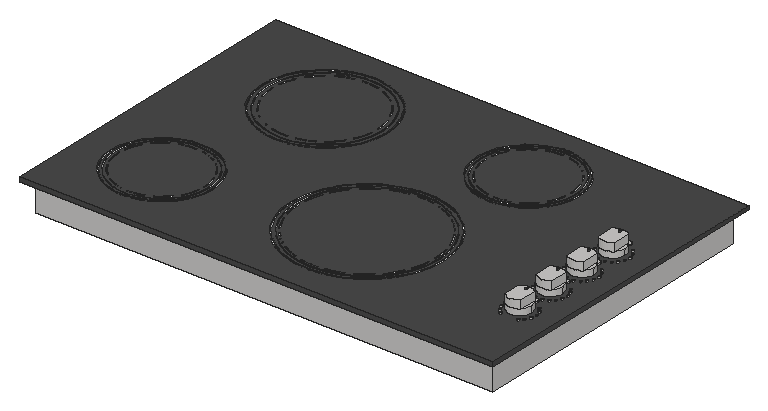
Revit family "QF_Summit_CR4B30MB_Electric Cooktop", category Specialty Equipment, Revit 2020
Family settings
  Round Connector Dimension = Use Diameter
  Part Type = Normal
  Work Plane-Based = No
  Always vertical = Yes
  Cut with Voids When Loaded = No
  Shared = No
  Room Calculation Point = No
Parameters
  Weight in Pounds = 28
  Watts = Volts * FL Amps  # 6000 W
  Volts = 240 V
  URL Cutsheet = ""
  Specification by User = ""
  Specification by Manufacturer = ""
  Serial Number = ""
  Seismic Rating = ""
  SMACNA No = ""
  Revision Code = ""
  Phase = 1
  Number of Poles = 1
  NAFEM Spec ID Number = ""
  Model = "CR4B30MB"
  Min Ckt Ampacity = 0 A
  Max Overcurrent Protection = 0 A
  Masterspec = ""
  Manufacturer = "Summit"
  Length = 30 1/4"
  Item Number = ""
  Installed By = ""
  Identify Quantity as Lot = yes
  Height = 2.13"
  HP = ""
  Furnished By = ""
  Foodservice Equipment Identifier = yes
  FL Amps = 25 A
  Electrical Remarks = ""
  Electric Connection Type = ""
  Elec Conn RI Height = 0"
  Elec Conn Connection Height = 0"
  Description = "Electric Cooktop"
  Depth = 20 1/2"
  Default Elevation = 0"
  Cycle = 60 Hz
  Conn Plug = ""
  Conn Conduit = yes
  CSI MasterFormat = ""
  Apparent Power = if(Phase = 3, Volts * FL Amps * 1.73, Volts * FL Amps)  # 6000 VA
Reference planes (in)
  plane 1 "BACK": y = 0
  plane 2: z = 0
  plane 3 "LEFT": x = 0
  plane 4 "RIGHT": x = 30.25
  plane 5 "FRONT": y = -20.5
  plane 6 "TOP": z = 2.13
  plane 7 "Center Y": x = 15.125
  plane 8 "Center X": y = -10.25
  plane 9: z = 3.13
  plane 10: y = -19.875
  plane 11: y = -0.625
  plane 12: x = 0.5
  plane 13: x = 29.75
  plane 14: z = 1.88
  plane 15: z = 2.255
  plane 16: z = 2.63
  plane 17: z = -1
Forms (in)
  Extrusion 1, solid, material "QF_Plastic_Black_Smooth"
    sketch origin (-1.19104, -180, 1.88) x (-1, 0, 0) y (0, -1, 0)
      loop
        line (-1.19104, -180) -> (-1.19104, -159.5) -> (-31.44104, -159.5) -> (-31.44104, -180) -> (-1.19104, -180)
      loop
        circle (-8.72408, -174.48136) r 4
      loop
        circle (-8.72408, -174.48136) r 3.9375
      loop
        arc (-6.61566, -177.13723) -> (-6.23758, -176.78708) -> (-5.91691, -176.3837) r 3.39103
        line (-5.91691, -176.3837) -> (-5.94278, -176.36617)
        arc (-5.94278, -176.36617) -> (-6.26171, -176.76715) -> (-6.6379, -177.11498) r 3.35978
        line (-6.6379, -177.11498) -> (-6.61566, -177.13723)
      loop
        circle (-8.72408, -174.48136) r 3.6878
      loop
        circle (-8.72408, -174.48136) r 3.65655
      loop
        line (-7.02991, -177.41885) -> (-7.04552, -177.39178)
        arc (-7.04552, -177.39178) -> (-7.50193, -177.61097) -> (-7.9861, -177.75908) r 3.35978
        line (-7.9861, -177.75908) -> (-7.97924, -177.78957)
        arc (-7.97924, -177.78957) -> (-7.49057, -177.64008) -> (-7.02991, -177.41885) r 3.39103
      loop
        line (-8.46118, -177.86218) -> (-8.46361, -177.83102)
        arc (-8.46361, -177.83102) -> (-8.9861, -177.8309) -> (-9.50226, -177.74977) r 3.35978
        line (-9.50226, -177.74977) -> (-9.5095, -177.78017)
        arc (-9.5095, -177.78017) -> (-8.98854, -177.86206) -> (-8.46118, -177.86218) r 3.39103
      loop
        line (-9.97115, -177.63475) -> (-9.95966, -177.60569)
        arc (-9.95966, -177.60569) -> (-10.40776, -177.38882) -> (-10.8189, -177.10811) r 3.35978
        line (-10.8189, -177.10811) -> (-10.84114, -177.13035)
        arc (-10.84114, -177.13035) -> (-10.42495, -177.41498) -> (-9.97115, -177.63475) r 3.39103
      loop
        line (-11.20385, -176.79433) -> (-11.18173, -176.77222)
        arc (-11.18173, -176.77222) -> (-11.50442, -176.36758) -> (-11.76112, -175.91819) r 3.35978
        line (-11.76112, -175.91819) -> (-11.78937, -175.93155)
        arc (-11.78937, -175.93155) -> (-11.52997, -176.38558) -> (-11.20385, -176.79433) r 3.39103
      loop
        line (-11.95693, -175.50496) -> (-11.92714, -175.49553)
        arc (-11.92714, -175.49553) -> (-12.04445, -174.99446) -> (-12.08386, -174.48136) r 3.35978
        line (-12.08386, -174.48136) -> (-12.11511, -174.48136)
        arc (-12.11511, -174.48136) -> (-12.07533, -174.99923) -> (-11.95693, -175.50496) r 3.39103
      loop
        line (-12.08287, -174.01488) -> (-12.05192, -174.01917)
        arc (-12.05192, -174.01917) -> (-11.93927, -173.50635) -> (-11.74811, -173.01734) r 3.35978
        line (-11.74811, -173.01734) -> (-11.77624, -173.00372)
        arc (-11.77624, -173.00372) -> (-11.96918, -173.49728) -> (-12.08287, -174.01488) r 3.39103
      loop
        line (-11.54233, -172.59547) -> (-11.51636, -172.61285)
        arc (-11.51636, -172.61285) -> (-11.20163, -172.21203) -> (-10.82991, -171.86342) r 3.35978
        line (-10.82991, -171.86342) -> (-10.8495, -171.83907)
        arc (-10.8495, -171.83907) -> (-11.22468, -172.19092) -> (-11.54233, -172.59547) r 3.39103
      loop
        line (-10.46238, -171.56976) -> (-10.44636, -171.59659)
        arc (-10.44636, -171.59659) -> (-9.97824, -171.36443) -> (-9.47978, -171.20767) r 3.35978
        line (-9.47978, -171.20767) -> (-9.48681, -171.17722)
        arc (-9.48681, -171.17722) -> (-9.9899, -171.33544) -> (-10.46238, -171.56976) r 3.39103
      loop
        line (-9.02136, -171.10338) -> (-9.01862, -171.13451)
        arc (-9.01862, -171.13451) -> (-8.49549, -171.12936) -> (-7.97791, -171.20548) r 3.35978
        line (-7.97791, -171.20548) -> (-7.97097, -171.17501)
        arc (-7.97097, -171.17501) -> (-8.49337, -171.09818) -> (-9.02136, -171.10338) r 3.39103
      loop
        line (-7.4884, -171.32348) -> (-7.49979, -171.35258)
        arc (-7.49979, -171.35258) -> (-7.03485, -171.57712) -> (-6.6098, -171.87024) r 3.35978
        line (-6.6098, -171.87024) -> (-6.58758, -171.84802)
        arc (-6.58758, -171.84802) -> (-7.01771, -171.55093) -> (-7.4884, -171.32348) r 3.39103
      loop
        line (-6.22346, -172.19094) -> (-6.24558, -172.21306)
        arc (-6.24558, -172.21306) -> (-5.93741, -172.60449) -> (-5.69052, -173.03719) r 3.35978
        line (-5.69052, -173.03719) -> (-5.6623, -173.02376)
        arc (-5.6623, -173.02376) -> (-5.91188, -172.58646) -> (-6.22346, -172.19094) r 3.39103
      loop
        line (-5.47708, -173.50356) -> (-5.507, -173.51257)
        arc (-5.507, -173.51257) -> (-5.40017, -173.99174) -> (-5.3643, -174.48136) r 3.35978
        line (-5.3643, -174.48136) -> (-5.33305, -174.48136)
        arc (-5.33305, -174.48136) -> (-5.36925, -173.98718) -> (-5.47708, -173.50356) r 3.39103
      loop
        line (-5.37516, -175.01409) -> (-5.40602, -175.00918)
        arc (-5.40602, -175.00918) -> (-5.51874, -175.4883) -> (-5.70026, -175.94581) r 3.35978
        line (-5.70026, -175.94581) -> (-5.67213, -175.95943)
        arc (-5.67213, -175.95943) -> (-5.48893, -175.49767) -> (-5.37516, -175.01409) r 3.39103
      loop
        circle (-6.23407, -164.51714) r 3.25
      loop
        circle (-6.23407, -164.51714) r 3.1875
      loop
        circle (-6.23407, -164.51714) r 3.01918
      loop
        circle (-6.23407, -164.51714) r 2.98793
      loop
        arc (-3.84186, -165.92561) -> (-3.62719, -165.47142) -> (-3.49789, -164.98597) r 2.77605
        line (-3.49789, -164.98597) -> (-3.52869, -164.98069)
        arc (-3.52869, -164.98069) -> (-3.65653, -165.46067) -> (-3.86878, -165.90976) r 2.7448
        line (-3.86878, -165.90976) -> (-3.84186, -165.92561)
      loop
        line (-4.0982, -166.29042) -> (-4.12224, -166.27046)
        arc (-4.12224, -166.27046) -> (-4.45843, -166.61024) -> (-4.84846, -166.88654) r 2.7448
        line (-4.84846, -166.88654) -> (-4.83269, -166.91351)
        arc (-4.83269, -166.91351) -> (-4.43821, -166.63407) -> (-4.0982, -166.29042) r 2.77605
      loop
        line (-5.27513, -167.12231) -> (-5.28592, -167.09298)
        arc (-5.28592, -167.09298) -> (-5.76727, -167.22196) -> (-6.26401, -167.26178) r 2.7448
        line (-6.26401, -167.26178) -> (-6.26401, -167.29303)
        arc (-6.26401, -167.29303) -> (-5.76179, -167.25272) -> (-5.27513, -167.12231) r 2.77605
      loop
        line (-6.73487, -167.24765) -> (-6.72923, -167.21691)
        arc (-6.72923, -167.21691) -> (-7.19178, -167.08944) -> (-7.62507, -166.88337) r 2.7448
        line (-7.62507, -166.88337) -> (-7.64091, -166.91031)
        arc (-7.64091, -166.91031) -> (-7.20269, -167.11872) -> (-6.73487, -167.24765) r 2.77605
      loop
        arc (-7.98279, -166.63277) -> (-8.3408, -166.27658) -> (-8.62748, -165.86082) r 2.7448
        line (-8.62748, -165.86082) -> (-8.65473, -165.87612)
        arc (-8.65473, -165.87612) -> (-8.36573, -166.29547) -> (-8.00499, -166.65497) r 2.77605
        line (-8.00499, -166.65497) -> (-7.98279, -166.63277)
      loop
        arc (-8.82015, -165.43698) -> (-8.9406, -164.97389) -> (-8.97879, -164.49693) r 2.7448
        line (-8.97879, -164.49693) -> (-9.01004, -164.49693)
        arc (-9.01004, -164.49693) -> (-8.97139, -164.9792) -> (-8.84959, -165.44745) r 2.77605
        line (-8.84959, -165.44745) -> (-8.82015, -165.43698)
      loop
        arc (-8.9391, -164.05157) -> (-8.81254, -163.57616) -> (-8.60314, -163.13099) r 2.7448
        line (-8.60314, -163.13099) -> (-8.63012, -163.11521)
        arc (-8.63012, -163.11521) -> (-8.84189, -163.56545) -> (-8.96989, -164.04627) r 2.77605
        line (-8.96989, -164.04627) -> (-8.9391, -164.05157)
      loop
        arc (-8.33993, -162.75666) -> (-8.00222, -162.41772) -> (-7.61079, -162.14257) r 2.7448
        line (-7.61079, -162.14257) -> (-7.62646, -162.11554)
        arc (-7.62646, -162.11554) -> (-8.02128, -162.39292) -> (-8.36211, -162.73448) r 2.77605
        line (-8.36211, -162.73448) -> (-8.33993, -162.75666)
      loop
        arc (-7.18859, -161.94365) -> (-6.72422, -161.81646) -> (-6.24478, -161.77236) r 2.7448
        line (-6.24478, -161.77236) -> (-6.24478, -161.74111)
        arc (-6.24478, -161.74111) -> (-6.72975, -161.7857) -> (-7.19946, -161.91435) r 2.77605
        line (-7.19946, -161.91435) -> (-7.18859, -161.94365)
      loop
        arc (-5.81527, -161.80447) -> (-5.30447, -161.93454) -> (-4.82795, -162.15985) r 2.7448
        line (-4.82795, -162.15985) -> (-4.81194, -162.13302)
        arc (-4.81194, -162.13302) -> (-5.29389, -161.90514) -> (-5.8105, -161.77359) r 2.77605
        line (-5.8105, -161.77359) -> (-5.81527, -161.80447)
      loop
        arc (-4.491, -162.39684) -> (-4.12879, -162.75595) -> (-3.83929, -163.17588) r 2.7448
        line (-3.83929, -163.17588) -> (-3.81202, -163.16061)
        arc (-3.81202, -163.16061) -> (-4.10385, -162.73707) -> (-4.4688, -162.37464) r 2.77605
        line (-4.4688, -162.37464) -> (-4.491, -162.39684)
      loop
        arc (-3.65648, -163.57376) -> (-3.52834, -164.05565) -> (-3.48949, -164.55278) r 2.7448
        line (-3.48949, -164.55278) -> (-3.45824, -164.55278)
        arc (-3.45824, -164.55278) -> (-3.49757, -164.0502) -> (-3.62713, -163.56302) r 2.77605
        line (-3.62713, -163.56302) -> (-3.65648, -163.57376)
      loop
        circle (-20.9804, -175.4572) r 3.25
      loop
        circle (-20.9804, -175.4572) r 3.1875
      loop
        circle (-20.9804, -175.4572) r 3.01918
      loop
        circle (-20.9804, -175.4572) r 2.98793
      loop
        arc (-18.58819, -176.86568) -> (-18.37352, -176.41148) -> (-18.24422, -175.92603) r 2.77605
        line (-18.24422, -175.92603) -> (-18.27502, -175.92075)
        arc (-18.27502, -175.92075) -> (-18.40287, -176.40074) -> (-18.61512, -176.84982) r 2.7448
        line (-18.61512, -176.84982) -> (-18.58819, -176.86568)
      loop
        line (-18.84453, -177.23049) -> (-18.86858, -177.21053)
        arc (-18.86858, -177.21053) -> (-19.20476, -177.5503) -> (-19.5948, -177.8266) r 2.7448
        line (-19.5948, -177.8266) -> (-19.57902, -177.85358)
        arc (-19.57902, -177.85358) -> (-19.18455, -177.57413) -> (-18.84453, -177.23049) r 2.77605
      loop
        line (-20.02146, -178.06237) -> (-20.03226, -178.03304)
        arc (-20.03226, -178.03304) -> (-20.51361, -178.16202) -> (-21.01034, -178.20184) r 2.7448
        line (-21.01034, -178.20184) -> (-21.01034, -178.23309)
        arc (-21.01034, -178.23309) -> (-20.50812, -178.19279) -> (-20.02146, -178.06237) r 2.77605
      loop
        line (-21.4812, -178.18771) -> (-21.47556, -178.15697)
        arc (-21.47556, -178.15697) -> (-21.93812, -178.0295) -> (-22.37141, -177.82343) r 2.7448
        line (-22.37141, -177.82343) -> (-22.38724, -177.85037)
        arc (-22.38724, -177.85037) -> (-21.94902, -178.05879) -> (-21.4812, -178.18771) r 2.77605
      loop
        arc (-22.72912, -177.57283) -> (-23.08713, -177.21664) -> (-23.37382, -176.80089) r 2.7448
        line (-23.37382, -176.80089) -> (-23.40107, -176.81619)
        arc (-23.40107, -176.81619) -> (-23.11207, -177.23553) -> (-22.75132, -177.59503) r 2.77605
        line (-22.75132, -177.59503) -> (-22.72912, -177.57283)
      loop
        arc (-23.56649, -176.37704) -> (-23.68693, -175.91395) -> (-23.72513, -175.43699) r 2.7448
        line (-23.72513, -175.43699) -> (-23.75638, -175.43699)
        arc (-23.75638, -175.43699) -> (-23.71773, -175.91927) -> (-23.59593, -176.38751) r 2.77605
        line (-23.59593, -176.38751) -> (-23.56649, -176.37704)
      loop
        arc (-23.68543, -174.99163) -> (-23.55887, -174.51623) -> (-23.34948, -174.07105) r 2.7448
        line (-23.34948, -174.07105) -> (-23.37645, -174.05527)
        arc (-23.37645, -174.05527) -> (-23.58823, -174.50551) -> (-23.71623, -174.98633) r 2.77605
        line (-23.71623, -174.98633) -> (-23.68543, -174.99163)
      loop
        arc (-23.08626, -173.69672) -> (-22.74856, -173.35778) -> (-22.35712, -173.08263) r 2.7448
        line (-22.35712, -173.08263) -> (-22.3728, -173.0556)
        arc (-22.3728, -173.0556) -> (-22.76762, -173.33298) -> (-23.10845, -173.67454) r 2.77605
        line (-23.10845, -173.67454) -> (-23.08626, -173.69672)
      loop
        arc (-21.93492, -172.88372) -> (-21.47056, -172.75652) -> (-20.99111, -172.71242) r 2.7448
        line (-20.99111, -172.71242) -> (-20.99111, -172.68117)
        arc (-20.99111, -172.68117) -> (-21.47608, -172.72576) -> (-21.94579, -172.85442) r 2.77605
        line (-21.94579, -172.85442) -> (-21.93492, -172.88372)
      loop
        arc (-20.56161, -172.74454) -> (-20.05081, -172.87461) -> (-19.57429, -173.09992) r 2.7448
        line (-19.57429, -173.09992) -> (-19.55828, -173.07308)
        arc (-19.55828, -173.07308) -> (-20.04022, -172.8452) -> (-20.55684, -172.71365) r 2.77605
        line (-20.55684, -172.71365) -> (-20.56161, -172.74454)
      loop
        arc (-19.23733, -173.3369) -> (-18.87513, -173.69602) -> (-18.58562, -174.11594) r 2.7448
        line (-18.58562, -174.11594) -> (-18.55836, -174.10067)
        arc (-18.55836, -174.10067) -> (-18.85018, -173.67714) -> (-19.21513, -173.3147) r 2.77605
        line (-19.21513, -173.3147) -> (-19.23733, -173.3369)
      loop
        arc (-18.40281, -174.51382) -> (-18.27467, -174.99572) -> (-18.23583, -175.49284) r 2.7448
        line (-18.23583, -175.49284) -> (-18.20458, -175.49284)
        arc (-18.20458, -175.49284) -> (-18.2439, -174.99026) -> (-18.37346, -174.50308) r 2.77605
        line (-18.37346, -174.50308) -> (-18.40281, -174.51382)
      loop
        circle (-18.19961, -166.01665) r 4.875
      loop
        circle (-18.19961, -166.01665) r 4.8125
      loop
        circle (-18.19961, -166.01665) r 4.60317
      loop
        circle (-18.19961, -166.01665) r 4.57192
      loop
        arc (-21.55903, -163.16267) -> (-21.88385, -163.59648) -> (-22.15299, -164.06686) r 4.40804
        line (-22.15299, -164.06686) -> (-22.12496, -164.08069)
        arc (-22.12496, -164.08069) -> (-21.85843, -163.6147) -> (-21.53686, -163.18484) r 4.37679
        line (-21.53686, -163.18484) -> (-21.55903, -163.16267)
      loop
        arc (-20.39444, -162.19388) -> (-20.83409, -162.48247) -> (-21.23623, -162.82137) r 4.40804
        line (-21.23623, -162.82137) -> (-21.21413, -162.84348)
        arc (-21.21413, -162.84348) -> (-20.81509, -162.50729) -> (-20.37888, -162.22098) r 4.37679
        line (-20.37888, -162.22098) -> (-20.39444, -162.19388)
      loop
        line (-22.30678, -164.50421) -> (-22.33611, -164.49341)
        arc (-22.33611, -164.49341) -> (-22.48696, -164.9922) -> (-22.5779, -165.50531) r 4.40804
        line (-22.5779, -165.50531) -> (-22.54686, -165.50894)
        arc (-22.54686, -165.50894) -> (-22.45657, -164.99946) -> (-22.30678, -164.50421) r 4.37679
      loop
        line (-22.57638, -166.00127) -> (-22.60763, -166.00127)
        arc (-22.60763, -166.00127) -> (-22.57905, -166.51801) -> (-22.49011, -167.02784) r 4.40804
        line (-22.49011, -167.02784) -> (-22.45969, -167.02067)
        arc (-22.45969, -167.02067) -> (-22.54801, -166.5144) -> (-22.57638, -166.00127) r 4.37679
      loop
        line (-22.32077, -167.49054) -> (-22.3502, -167.50106)
        arc (-22.3502, -167.50106) -> (-22.13797, -167.9966) -> (-21.86683, -168.46253) r 4.40804
        line (-21.86683, -168.46253) -> (-21.84084, -168.44519)
        arc (-21.84084, -168.44519) -> (-22.11005, -167.98256) -> (-22.32077, -167.49054) r 4.37679
      loop
        line (-21.5692, -168.80988) -> (-21.59326, -168.82983)
        arc (-21.59326, -168.82983) -> (-21.21276, -169.23407) -> (-20.78447, -169.58727) r 4.40804
        line (-20.78447, -169.58727) -> (-20.76209, -169.56489)
        arc (-20.76209, -169.56489) -> (-21.18957, -169.21297) -> (-21.5692, -168.80988) r 4.37679
      loop
        line (-20.42632, -169.78468) -> (-20.44222, -169.81159)
        arc (-20.44222, -169.81159) -> (-19.95568, -170.0598) -> (-19.44218, -170.24593) r 4.40804
        line (-19.44218, -170.24593) -> (-19.43337, -170.21595)
        arc (-19.43337, -170.21595) -> (-19.94323, -170.03113) -> (-20.42632, -169.78468) r 4.37679
      loop
        line (-18.98147, -170.32304) -> (-18.98705, -170.35379)
        arc (-18.98705, -170.35379) -> (-18.45877, -170.41706) -> (-17.92672, -170.41623) r 4.40804
        line (-17.92672, -170.41623) -> (-17.92865, -170.38504)
        arc (-17.92865, -170.38504) -> (-18.45694, -170.38587) -> (-18.98147, -170.32304) r 4.37679
      loop
        line (-17.46485, -170.33132) -> (-17.45961, -170.36213)
        arc (-17.45961, -170.36213) -> (-16.93855, -170.24045) -> (-16.43608, -170.05654) r 4.40804
        line (-16.43608, -170.05654) -> (-16.44858, -170.0279)
        arc (-16.44858, -170.0279) -> (-16.94749, -170.21051) -> (-17.46485, -170.33132) r 4.37679
      loop
        line (-16.01395, -169.80864) -> (-15.99835, -169.83571)
        arc (-15.99835, -169.83571) -> (-15.56252, -169.54887) -> (-15.16364, -169.21253) r 4.40804
        line (-15.16364, -169.21253) -> (-15.18575, -169.19043)
        arc (-15.18575, -169.19043) -> (-15.58154, -169.52406) -> (-16.01395, -169.80864) r 4.37679
      loop
        line (-14.85725, -168.8424) -> (-14.83338, -168.86258)
        arc (-14.83338, -168.86258) -> (-14.51433, -168.43523) -> (-14.24923, -167.97247) r 4.40804
        line (-14.24923, -167.97247) -> (-14.27723, -167.95861)
        arc (-14.27723, -167.95861) -> (-14.54046, -168.41808) -> (-14.85725, -168.8424) r 4.37679
      loop
        line (-14.10163, -167.55378) -> (-14.07237, -167.56476)
        arc (-14.07237, -167.56476) -> (-13.91347, -167.0461) -> (-13.81948, -166.51185) r 4.40804
        line (-13.81948, -166.51185) -> (-13.85053, -166.50834)
        arc (-13.85053, -166.50834) -> (-13.94385, -167.0388) -> (-14.10163, -167.55378) r 4.37679
      loop
        line (-13.82292, -166.04529) -> (-13.79167, -166.04529)
        arc (-13.79167, -166.04529) -> (-13.82232, -165.49693) -> (-13.92092, -164.95663) r 4.40804
        line (-13.92092, -164.95663) -> (-13.95126, -164.96415)
        arc (-13.95126, -164.96415) -> (-13.85334, -165.50071) -> (-13.82292, -166.04529) r 4.37679
      loop
        line (-14.08223, -164.53225) -> (-14.05283, -164.52165)
        arc (-14.05283, -164.52165) -> (-14.26844, -164.02248) -> (-14.54388, -163.55364) r 4.40804
        line (-14.54388, -163.55364) -> (-14.56979, -163.5711)
        arc (-14.56979, -163.5711) -> (-14.29631, -164.03661) -> (-14.08223, -164.53225) r 4.37679
      loop
        line (-14.85238, -163.19666) -> (-14.8302, -163.17449)
        arc (-14.8302, -163.17449) -> (-15.20489, -162.78208) -> (-15.62495, -162.43867) r 4.40804
        line (-15.62495, -162.43867) -> (-15.6432, -162.46403)
        arc (-15.6432, -162.46403) -> (-15.22515, -162.80591) -> (-14.85238, -163.19666) r 4.37679
      loop
        arc (-16.01609, -162.18741) -> (-16.49122, -161.95313) -> (-16.99102, -161.77753) r 4.40804
        line (-16.99102, -161.77753) -> (-16.99959, -161.80758)
        arc (-16.99959, -161.80758) -> (-16.50333, -161.98193) -> (-16.03157, -162.21456) r 4.37679
        line (-16.03157, -162.21456) -> (-16.01609, -162.18741)
      loop
        arc (-17.43348, -161.6757) -> (-17.97429, -161.61437) -> (-18.51853, -161.62016) r 4.40804
        line (-18.51853, -161.62016) -> (-18.51853, -161.65149)
        arc (-18.51853, -161.65149) -> (-17.97702, -161.64552) -> (-17.43892, -161.70647) r 4.37679
        line (-17.43892, -161.70647) -> (-17.43348, -161.6757)
      loop
        arc (-18.96637, -161.67581) -> (-19.4832, -161.79963) -> (-19.98137, -161.98475) r 4.40804
        line (-19.98137, -161.98475) -> (-19.96874, -162.01334)
        arc (-19.96874, -162.01334) -> (-19.4741, -161.82953) -> (-18.96094, -161.70658) r 4.37679
        line (-18.96094, -161.70658) -> (-18.96637, -161.67581)
    from 0 to 0.25
  Extrusion 2, solid, material "QF_Metal_Stainless_Polished"
    sketch origin (-1.19104, -180, 2.13) x (-1, 0, 0) y (0, -1, 0)
      loop
        circle (-29.19118, -171.99472) r 0.75
      loop
        circle (-29.19118, -169.49472) r 0.75
      loop
        circle (-29.19118, -166.99472) r 0.75
      loop
        circle (-29.19118, -164.49472) r 0.75
    from 0.125 to 0.5
  Extrusion 3, solid, material "QF_Metal_Stainless_Polished"
    sketch origin (-1.19104, -180, 2.63) x (-1, 0, 0) y (0, -1, 0)
      loop
        arc (-29.71095, -172.53541) -> (-29.19118, -172.74472) -> (-28.67141, -172.53541) r 0.75
        line (-28.67141, -172.53541) -> (-28.67141, -171.45404)
        arc (-28.67141, -171.45404) -> (-29.19118, -171.24472) -> (-29.71095, -171.45404) r 0.75
        line (-29.71095, -171.45404) -> (-29.71095, -172.53541)
      loop
        arc (-29.71095, -170.03541) -> (-29.19118, -170.24472) -> (-28.67141, -170.03541) r 0.75
        line (-28.67141, -170.03541) -> (-28.67141, -168.95404)
        arc (-28.67141, -168.95404) -> (-29.19118, -168.74472) -> (-29.71095, -168.95404) r 0.75
        line (-29.71095, -168.95404) -> (-29.71095, -170.03541)
      loop
        arc (-29.71095, -167.53541) -> (-29.19118, -167.74472) -> (-28.67141, -167.53541) r 0.75
        line (-28.67141, -167.53541) -> (-28.67141, -166.45404)
        arc (-28.67141, -166.45404) -> (-29.19118, -166.24472) -> (-29.71095, -166.45404) r 0.75
        line (-29.71095, -166.45404) -> (-29.71095, -167.53541)
      loop
        arc (-29.71095, -165.03541) -> (-29.19118, -165.24472) -> (-28.67141, -165.03541) r 0.75
        line (-28.67141, -165.03541) -> (-28.67141, -163.95404)
        arc (-28.67141, -163.95404) -> (-29.19118, -163.74472) -> (-29.71095, -163.95404) r 0.75
        line (-29.71095, -163.95404) -> (-29.71095, -165.03541)
    from 0 to 0.5
  Extrusion 4, solid, material "QF_Plastic_White_Smooth"
    sketch origin (-1.19104, -180, 1.88) x (-1, 0, 0) y (0, -1, 0)
      loop
        circle (-8.72408, -174.48136) r 4
      loop
        circle (-8.72408, -174.48136) r 3.9375
      loop
        circle (-8.72408, -174.48136) r 3.6878
      loop
        circle (-8.72408, -174.48136) r 3.65655
      loop
        line (-5.37516, -175.01409) -> (-5.40602, -175.00918)
        arc (-5.40602, -175.00918) -> (-5.51874, -175.4883) -> (-5.70026, -175.94581) r 3.35978
        line (-5.70026, -175.94581) -> (-5.67213, -175.95943)
        arc (-5.67213, -175.95943) -> (-5.48893, -175.49767) -> (-5.37516, -175.01409) r 3.39103
      loop
        line (-5.47708, -173.50356) -> (-5.507, -173.51257)
        arc (-5.507, -173.51257) -> (-5.40017, -173.99174) -> (-5.3643, -174.48136) r 3.35978
        line (-5.3643, -174.48136) -> (-5.33305, -174.48136)
        arc (-5.33305, -174.48136) -> (-5.36925, -173.98718) -> (-5.47708, -173.50356) r 3.39103
      loop
        line (-6.22346, -172.19094) -> (-6.24558, -172.21306)
        arc (-6.24558, -172.21306) -> (-5.93741, -172.60449) -> (-5.69052, -173.03719) r 3.35978
        line (-5.69052, -173.03719) -> (-5.6623, -173.02376)
        arc (-5.6623, -173.02376) -> (-5.91188, -172.58646) -> (-6.22346, -172.19094) r 3.39103
      loop
        line (-7.4884, -171.32348) -> (-7.49979, -171.35258)
        arc (-7.49979, -171.35258) -> (-7.03485, -171.57712) -> (-6.6098, -171.87024) r 3.35978
        line (-6.6098, -171.87024) -> (-6.58758, -171.84802)
        arc (-6.58758, -171.84802) -> (-7.01771, -171.55093) -> (-7.4884, -171.32348) r 3.39103
      loop
        line (-9.02136, -171.10338) -> (-9.01862, -171.13451)
        arc (-9.01862, -171.13451) -> (-8.49549, -171.12936) -> (-7.97791, -171.20548) r 3.35978
        line (-7.97791, -171.20548) -> (-7.97097, -171.17501)
        arc (-7.97097, -171.17501) -> (-8.49337, -171.09818) -> (-9.02136, -171.10338) r 3.39103
      loop
        line (-10.46238, -171.56976) -> (-10.44636, -171.59659)
        arc (-10.44636, -171.59659) -> (-9.97824, -171.36443) -> (-9.47978, -171.20767) r 3.35978
        line (-9.47978, -171.20767) -> (-9.48681, -171.17722)
        arc (-9.48681, -171.17722) -> (-9.9899, -171.33544) -> (-10.46238, -171.56976) r 3.39103
      loop
        line (-11.54233, -172.59547) -> (-11.51636, -172.61285)
        arc (-11.51636, -172.61285) -> (-11.20163, -172.21203) -> (-10.82991, -171.86342) r 3.35978
        line (-10.82991, -171.86342) -> (-10.8495, -171.83907)
        arc (-10.8495, -171.83907) -> (-11.22468, -172.19092) -> (-11.54233, -172.59547) r 3.39103
      loop
        line (-12.08287, -174.01488) -> (-12.05192, -174.01917)
        arc (-12.05192, -174.01917) -> (-11.93927, -173.50635) -> (-11.74811, -173.01734) r 3.35978
        line (-11.74811, -173.01734) -> (-11.77624, -173.00372)
        arc (-11.77624, -173.00372) -> (-11.96918, -173.49728) -> (-12.08287, -174.01488) r 3.39103
      loop
        line (-11.95693, -175.50496) -> (-11.92714, -175.49553)
        arc (-11.92714, -175.49553) -> (-12.04445, -174.99446) -> (-12.08386, -174.48136) r 3.35978
        line (-12.08386, -174.48136) -> (-12.11511, -174.48136)
        arc (-12.11511, -174.48136) -> (-12.07533, -174.99923) -> (-11.95693, -175.50496) r 3.39103
      loop
        line (-11.20385, -176.79433) -> (-11.18173, -176.77222)
        arc (-11.18173, -176.77222) -> (-11.50442, -176.36758) -> (-11.76112, -175.91819) r 3.35978
        line (-11.76112, -175.91819) -> (-11.78937, -175.93155)
        arc (-11.78937, -175.93155) -> (-11.52997, -176.38558) -> (-11.20385, -176.79433) r 3.39103
      loop
        line (-9.97115, -177.63475) -> (-9.95966, -177.60569)
        arc (-9.95966, -177.60569) -> (-10.40776, -177.38882) -> (-10.8189, -177.10811) r 3.35978
        line (-10.8189, -177.10811) -> (-10.84114, -177.13035)
        arc (-10.84114, -177.13035) -> (-10.42495, -177.41498) -> (-9.97115, -177.63475) r 3.39103
      loop
        line (-8.46118, -177.86218) -> (-8.46361, -177.83102)
        arc (-8.46361, -177.83102) -> (-8.9861, -177.8309) -> (-9.50226, -177.74977) r 3.35978
        line (-9.50226, -177.74977) -> (-9.5095, -177.78017)
        arc (-9.5095, -177.78017) -> (-8.98854, -177.86206) -> (-8.46118, -177.86218) r 3.39103
      loop
        line (-7.02991, -177.41885) -> (-7.04552, -177.39178)
        arc (-7.04552, -177.39178) -> (-7.50193, -177.61097) -> (-7.9861, -177.75908) r 3.35978
        line (-7.9861, -177.75908) -> (-7.97924, -177.78957)
        arc (-7.97924, -177.78957) -> (-7.49057, -177.64008) -> (-7.02991, -177.41885) r 3.39103
      loop
        line (-5.91691, -176.3837) -> (-5.94278, -176.36617)
        arc (-5.94278, -176.36617) -> (-6.26171, -176.76715) -> (-6.6379, -177.11498) r 3.35978
        line (-6.6379, -177.11498) -> (-6.61566, -177.13723)
        arc (-6.61566, -177.13723) -> (-6.23758, -176.78708) -> (-5.91691, -176.3837) r 3.39103
      loop
        circle (-6.23407, -164.51714) r 3.25
      loop
        circle (-6.23407, -164.51714) r 3.1875
      loop
        circle (-6.23407, -164.51714) r 3.01918
      loop
        circle (-6.23407, -164.51714) r 2.98793
      loop
        line (-3.86878, -165.90976) -> (-3.84186, -165.92561)
        arc (-3.84186, -165.92561) -> (-3.62719, -165.47142) -> (-3.49789, -164.98597) r 2.77605
        line (-3.49789, -164.98597) -> (-3.52869, -164.98069)
        arc (-3.52869, -164.98069) -> (-3.65653, -165.46067) -> (-3.86878, -165.90976) r 2.7448
      loop
        line (-3.48949, -164.55278) -> (-3.45824, -164.55278)
        arc (-3.45824, -164.55278) -> (-3.49757, -164.0502) -> (-3.62713, -163.56302) r 2.77605
        line (-3.62713, -163.56302) -> (-3.65648, -163.57376)
        arc (-3.65648, -163.57376) -> (-3.52834, -164.05565) -> (-3.48949, -164.55278) r 2.7448
      loop
        line (-4.0982, -166.29042) -> (-4.12224, -166.27046)
        arc (-4.12224, -166.27046) -> (-4.45843, -166.61024) -> (-4.84846, -166.88654) r 2.7448
        line (-4.84846, -166.88654) -> (-4.83269, -166.91351)
        arc (-4.83269, -166.91351) -> (-4.43821, -166.63407) -> (-4.0982, -166.29042) r 2.77605
      loop
        line (-6.26401, -167.26178) -> (-6.26401, -167.29303)
        arc (-6.26401, -167.29303) -> (-5.76179, -167.25272) -> (-5.27513, -167.12231) r 2.77605
        line (-5.27513, -167.12231) -> (-5.28592, -167.09298)
        arc (-5.28592, -167.09298) -> (-5.76727, -167.22196) -> (-6.26401, -167.26178) r 2.7448
      loop
        line (-7.62507, -166.88337) -> (-7.64091, -166.91031)
        arc (-7.64091, -166.91031) -> (-7.20269, -167.11872) -> (-6.73487, -167.24765) r 2.77605
        line (-6.73487, -167.24765) -> (-6.72923, -167.21691)
        arc (-6.72923, -167.21691) -> (-7.19178, -167.08944) -> (-7.62507, -166.88337) r 2.7448
      loop
        line (-8.62748, -165.86082) -> (-8.65473, -165.87612)
        arc (-8.65473, -165.87612) -> (-8.36573, -166.29547) -> (-8.00499, -166.65497) r 2.77605
        line (-8.00499, -166.65497) -> (-7.98279, -166.63277)
        arc (-7.98279, -166.63277) -> (-8.3408, -166.27658) -> (-8.62748, -165.86082) r 2.7448
      loop
        line (-8.84959, -165.44745) -> (-8.82015, -165.43698)
        arc (-8.82015, -165.43698) -> (-8.9406, -164.97389) -> (-8.97879, -164.49693) r 2.7448
        line (-8.97879, -164.49693) -> (-9.01004, -164.49693)
        arc (-9.01004, -164.49693) -> (-8.97139, -164.9792) -> (-8.84959, -165.44745) r 2.77605
      loop
        line (-8.96989, -164.04627) -> (-8.9391, -164.05157)
        arc (-8.9391, -164.05157) -> (-8.81254, -163.57616) -> (-8.60314, -163.13099) r 2.7448
        line (-8.60314, -163.13099) -> (-8.63012, -163.11521)
        arc (-8.63012, -163.11521) -> (-8.84189, -163.56545) -> (-8.96989, -164.04627) r 2.77605
      loop
        line (-8.36211, -162.73448) -> (-8.33993, -162.75666)
        arc (-8.33993, -162.75666) -> (-8.00222, -162.41772) -> (-7.61079, -162.14257) r 2.7448
        line (-7.61079, -162.14257) -> (-7.62646, -162.11554)
        arc (-7.62646, -162.11554) -> (-8.02128, -162.39292) -> (-8.36211, -162.73448) r 2.77605
      loop
        line (-7.19946, -161.91435) -> (-7.18859, -161.94365)
        arc (-7.18859, -161.94365) -> (-6.72422, -161.81646) -> (-6.24478, -161.77236) r 2.7448
        line (-6.24478, -161.77236) -> (-6.24478, -161.74111)
        arc (-6.24478, -161.74111) -> (-6.72975, -161.7857) -> (-7.19946, -161.91435) r 2.77605
      loop
        line (-5.8105, -161.77359) -> (-5.81527, -161.80447)
        arc (-5.81527, -161.80447) -> (-5.30447, -161.93454) -> (-4.82795, -162.15985) r 2.7448
        line (-4.82795, -162.15985) -> (-4.81194, -162.13302)
        arc (-4.81194, -162.13302) -> (-5.29389, -161.90514) -> (-5.8105, -161.77359) r 2.77605
      loop
        line (-4.4688, -162.37464) -> (-4.491, -162.39684)
        arc (-4.491, -162.39684) -> (-4.12879, -162.75595) -> (-3.83929, -163.17588) r 2.7448
        line (-3.83929, -163.17588) -> (-3.81202, -163.16061)
        arc (-3.81202, -163.16061) -> (-4.10385, -162.73707) -> (-4.4688, -162.37464) r 2.77605
      loop
        circle (-18.19961, -166.01665) r 4.875
      loop
        circle (-18.19961, -166.01665) r 4.8125
      loop
        circle (-18.19961, -166.01665) r 4.60317
      loop
        circle (-18.19961, -166.01665) r 4.57192
      loop
        line (-13.81948, -166.51185) -> (-13.85053, -166.50834)
        arc (-13.85053, -166.50834) -> (-13.94385, -167.0388) -> (-14.10163, -167.55378) r 4.37679
        line (-14.10163, -167.55378) -> (-14.07237, -167.56476)
        arc (-14.07237, -167.56476) -> (-13.91347, -167.0461) -> (-13.81948, -166.51185) r 4.40804
      loop
        line (-13.82292, -166.04529) -> (-13.79167, -166.04529)
        arc (-13.79167, -166.04529) -> (-13.82232, -165.49693) -> (-13.92092, -164.95663) r 4.40804
        line (-13.92092, -164.95663) -> (-13.95126, -164.96415)
        arc (-13.95126, -164.96415) -> (-13.85334, -165.50071) -> (-13.82292, -166.04529) r 4.37679
      loop
        line (-14.54388, -163.55364) -> (-14.56979, -163.5711)
        arc (-14.56979, -163.5711) -> (-14.29631, -164.03661) -> (-14.08223, -164.53225) r 4.37679
        line (-14.08223, -164.53225) -> (-14.05283, -164.52165)
        arc (-14.05283, -164.52165) -> (-14.26844, -164.02248) -> (-14.54388, -163.55364) r 4.40804
      loop
        line (-15.62495, -162.43867) -> (-15.6432, -162.46403)
        arc (-15.6432, -162.46403) -> (-15.22515, -162.80591) -> (-14.85238, -163.19666) r 4.37679
        line (-14.85238, -163.19666) -> (-14.8302, -163.17449)
        arc (-14.8302, -163.17449) -> (-15.20489, -162.78208) -> (-15.62495, -162.43867) r 4.40804
      loop
        line (-16.99102, -161.77753) -> (-16.99959, -161.80758)
        arc (-16.99959, -161.80758) -> (-16.50333, -161.98193) -> (-16.03157, -162.21456) r 4.37679
        line (-16.03157, -162.21456) -> (-16.01609, -162.18741)
        arc (-16.01609, -162.18741) -> (-16.49122, -161.95313) -> (-16.99102, -161.77753) r 4.40804
      loop
        line (-18.51853, -161.62016) -> (-18.51853, -161.65149)
        arc (-18.51853, -161.65149) -> (-17.97702, -161.64552) -> (-17.43892, -161.70647) r 4.37679
        line (-17.43892, -161.70647) -> (-17.43348, -161.6757)
        arc (-17.43348, -161.6757) -> (-17.97429, -161.61437) -> (-18.51853, -161.62016) r 4.40804
      loop
        line (-19.98137, -161.98475) -> (-19.96874, -162.01334)
        arc (-19.96874, -162.01334) -> (-19.4741, -161.82953) -> (-18.96094, -161.70658) r 4.37679
        line (-18.96094, -161.70658) -> (-18.96637, -161.67581)
        arc (-18.96637, -161.67581) -> (-19.4832, -161.79963) -> (-19.98137, -161.98475) r 4.40804
      loop
        line (-21.23623, -162.82137) -> (-21.21413, -162.84348)
        arc (-21.21413, -162.84348) -> (-20.81509, -162.50729) -> (-20.37888, -162.22098) r 4.37679
        line (-20.37888, -162.22098) -> (-20.39444, -162.19388)
        arc (-20.39444, -162.19388) -> (-20.83409, -162.48247) -> (-21.23623, -162.82137) r 4.40804
      loop
        line (-22.15299, -164.06686) -> (-22.12496, -164.08069)
        arc (-22.12496, -164.08069) -> (-21.85843, -163.6147) -> (-21.53686, -163.18484) r 4.37679
        line (-21.53686, -163.18484) -> (-21.55903, -163.16267)
        arc (-21.55903, -163.16267) -> (-21.88385, -163.59648) -> (-22.15299, -164.06686) r 4.40804
      loop
        line (-22.5779, -165.50531) -> (-22.54686, -165.50894)
        arc (-22.54686, -165.50894) -> (-22.45657, -164.99946) -> (-22.30678, -164.50421) r 4.37679
        line (-22.30678, -164.50421) -> (-22.33611, -164.49341)
        arc (-22.33611, -164.49341) -> (-22.48696, -164.9922) -> (-22.5779, -165.50531) r 4.40804
      loop
        line (-22.49011, -167.02784) -> (-22.45969, -167.02067)
        arc (-22.45969, -167.02067) -> (-22.54801, -166.5144) -> (-22.57638, -166.00127) r 4.37679
        line (-22.57638, -166.00127) -> (-22.60763, -166.00127)
        arc (-22.60763, -166.00127) -> (-22.57905, -166.51801) -> (-22.49011, -167.02784) r 4.40804
      loop
        line (-21.86683, -168.46253) -> (-21.84084, -168.44519)
        arc (-21.84084, -168.44519) -> (-22.11005, -167.98256) -> (-22.32077, -167.49054) r 4.37679
        line (-22.32077, -167.49054) -> (-22.3502, -167.50106)
        arc (-22.3502, -167.50106) -> (-22.13797, -167.9966) -> (-21.86683, -168.46253) r 4.40804
      loop
        line (-20.78447, -169.58727) -> (-20.76209, -169.56489)
        arc (-20.76209, -169.56489) -> (-21.18957, -169.21297) -> (-21.5692, -168.80988) r 4.37679
        line (-21.5692, -168.80988) -> (-21.59326, -168.82983)
        arc (-21.59326, -168.82983) -> (-21.21276, -169.23407) -> (-20.78447, -169.58727) r 4.40804
      loop
        line (-19.44218, -170.24593) -> (-19.43337, -170.21595)
        arc (-19.43337, -170.21595) -> (-19.94323, -170.03113) -> (-20.42632, -169.78468) r 4.37679
        line (-20.42632, -169.78468) -> (-20.44222, -169.81159)
        arc (-20.44222, -169.81159) -> (-19.95568, -170.0598) -> (-19.44218, -170.24593) r 4.40804
      loop
        line (-17.92672, -170.41623) -> (-17.92865, -170.38504)
        arc (-17.92865, -170.38504) -> (-18.45694, -170.38587) -> (-18.98147, -170.32304) r 4.37679
        line (-18.98147, -170.32304) -> (-18.98705, -170.35379)
        arc (-18.98705, -170.35379) -> (-18.45877, -170.41706) -> (-17.92672, -170.41623) r 4.40804
      loop
        line (-17.46485, -170.33132) -> (-17.45961, -170.36213)
        arc (-17.45961, -170.36213) -> (-16.93855, -170.24045) -> (-16.43608, -170.05654) r 4.40804
        line (-16.43608, -170.05654) -> (-16.44858, -170.0279)
        arc (-16.44858, -170.0279) -> (-16.94749, -170.21051) -> (-17.46485, -170.33132) r 4.37679
      loop
        line (-16.01395, -169.80864) -> (-15.99835, -169.83571)
        arc (-15.99835, -169.83571) -> (-15.56252, -169.54887) -> (-15.16364, -169.21253) r 4.40804
        line (-15.16364, -169.21253) -> (-15.18575, -169.19043)
        arc (-15.18575, -169.19043) -> (-15.58154, -169.52406) -> (-16.01395, -169.80864) r 4.37679
      loop
        line (-14.85725, -168.8424) -> (-14.83338, -168.86258)
        arc (-14.83338, -168.86258) -> (-14.51433, -168.43523) -> (-14.24923, -167.97247) r 4.40804
        line (-14.24923, -167.97247) -> (-14.27723, -167.95861)
        arc (-14.27723, -167.95861) -> (-14.54046, -168.41808) -> (-14.85725, -168.8424) r 4.37679
      loop
        circle (-20.9804, -175.4572) r 3.25
      loop
        circle (-20.9804, -175.4572) r 3.1875
      loop
        circle (-20.9804, -175.4572) r 3.01918
      loop
        circle (-20.9804, -175.4572) r 2.98793
      loop
        line (-18.61512, -176.84982) -> (-18.58819, -176.86568)
        arc (-18.58819, -176.86568) -> (-18.37352, -176.41148) -> (-18.24422, -175.92603) r 2.77605
        line (-18.24422, -175.92603) -> (-18.27502, -175.92075)
        arc (-18.27502, -175.92075) -> (-18.40287, -176.40074) -> (-18.61512, -176.84982) r 2.7448
      loop
        line (-18.23583, -175.49284) -> (-18.20458, -175.49284)
        arc (-18.20458, -175.49284) -> (-18.2439, -174.99026) -> (-18.37346, -174.50308) r 2.77605
        line (-18.37346, -174.50308) -> (-18.40281, -174.51382)
        arc (-18.40281, -174.51382) -> (-18.27467, -174.99572) -> (-18.23583, -175.49284) r 2.7448
      loop
        line (-19.21513, -173.3147) -> (-19.23733, -173.3369)
        arc (-19.23733, -173.3369) -> (-18.87513, -173.69602) -> (-18.58562, -174.11594) r 2.7448
        line (-18.58562, -174.11594) -> (-18.55836, -174.10067)
        arc (-18.55836, -174.10067) -> (-18.85018, -173.67714) -> (-19.21513, -173.3147) r 2.77605
      loop
        line (-20.55684, -172.71365) -> (-20.56161, -172.74454)
        arc (-20.56161, -172.74454) -> (-20.05081, -172.87461) -> (-19.57429, -173.09992) r 2.7448
        line (-19.57429, -173.09992) -> (-19.55828, -173.07308)
        arc (-19.55828, -173.07308) -> (-20.04022, -172.8452) -> (-20.55684, -172.71365) r 2.77605
      loop
        line (-21.94579, -172.85442) -> (-21.93492, -172.88372)
        arc (-21.93492, -172.88372) -> (-21.47056, -172.75652) -> (-20.99111, -172.71242) r 2.7448
        line (-20.99111, -172.71242) -> (-20.99111, -172.68117)
        arc (-20.99111, -172.68117) -> (-21.47608, -172.72576) -> (-21.94579, -172.85442) r 2.77605
      loop
        line (-23.10845, -173.67454) -> (-23.08626, -173.69672)
        arc (-23.08626, -173.69672) -> (-22.74856, -173.35778) -> (-22.35712, -173.08263) r 2.7448
        line (-22.35712, -173.08263) -> (-22.3728, -173.0556)
        arc (-22.3728, -173.0556) -> (-22.76762, -173.33298) -> (-23.10845, -173.67454) r 2.77605
      loop
        line (-23.71623, -174.98633) -> (-23.68543, -174.99163)
        arc (-23.68543, -174.99163) -> (-23.55887, -174.51623) -> (-23.34948, -174.07105) r 2.7448
        line (-23.34948, -174.07105) -> (-23.37645, -174.05527)
        arc (-23.37645, -174.05527) -> (-23.58823, -174.50551) -> (-23.71623, -174.98633) r 2.77605
      loop
        line (-23.59593, -176.38751) -> (-23.56649, -176.37704)
        arc (-23.56649, -176.37704) -> (-23.68693, -175.91395) -> (-23.72513, -175.43699) r 2.7448
        line (-23.72513, -175.43699) -> (-23.75638, -175.43699)
        arc (-23.75638, -175.43699) -> (-23.71773, -175.91927) -> (-23.59593, -176.38751) r 2.77605
      loop
        line (-22.75132, -177.59503) -> (-22.72912, -177.57283)
        arc (-22.72912, -177.57283) -> (-23.08713, -177.21664) -> (-23.37382, -176.80089) r 2.7448
        line (-23.37382, -176.80089) -> (-23.40107, -176.81619)
        arc (-23.40107, -176.81619) -> (-23.11207, -177.23553) -> (-22.75132, -177.59503) r 2.77605
      loop
        line (-21.4812, -178.18771) -> (-21.47556, -178.15697)
        arc (-21.47556, -178.15697) -> (-21.93812, -178.0295) -> (-22.37141, -177.82343) r 2.7448
        line (-22.37141, -177.82343) -> (-22.38724, -177.85037)
        arc (-22.38724, -177.85037) -> (-21.94902, -178.05879) -> (-21.4812, -178.18771) r 2.77605
      loop
        line (-20.02146, -178.06237) -> (-20.03226, -178.03304)
        arc (-20.03226, -178.03304) -> (-20.51361, -178.16202) -> (-21.01034, -178.20184) r 2.7448
        line (-21.01034, -178.20184) -> (-21.01034, -178.23309)
        arc (-21.01034, -178.23309) -> (-20.50812, -178.19279) -> (-20.02146, -178.06237) r 2.77605
      loop
        line (-18.84453, -177.23049) -> (-18.86858, -177.21053)
        arc (-18.86858, -177.21053) -> (-19.20476, -177.5503) -> (-19.5948, -177.8266) r 2.7448
        line (-19.5948, -177.8266) -> (-19.57902, -177.85358)
        arc (-19.57902, -177.85358) -> (-19.18455, -177.57413) -> (-18.84453, -177.23049) r 2.77605
    from 0 to 0.25
  Extrusion 5, solid, material "QF_Metal_Stainless_Polished"
    sketch origin (-2.73972, -180, 0) x (0, -1, 0) y (-1, 0, 0)
      loop
        line (-160.1875, -3.30222) -> (-179.3125, -3.30222) -> (-179.3125, -32.42722) -> (-160.1875, -32.42722) -> (-160.1875, -3.30222)
    from 0 to -0.0625
  Extrusion 6, solid, material "QF_Metal_Stainless_Polished"
    sketch origin (0, 0, 0) x (1, 0, 0) y (0, 1, 0)
      loop
        circle (28.00014, -0.98525) r 0.125
    from 0 to -1
  Extrusion 7, solid, material "QF_Metal_Stainless_Polished"
    sketch origin (-2.73972, -180, -0.12) x (-1, 0, 0) y (0, -1, 0)
      loop
        line (-3.23972, -179.375) -> (-3.23972, -160.125) -> (-32.48972, -160.125) -> (-32.48972, -179.375) -> (-3.23972, -179.375)
      loop
        line (-3.30222, -160.1875) -> (-32.42722, -160.1875) -> (-32.42722, -179.3125) -> (-3.30222, -179.3125) -> (-3.30222, -160.1875)
    from 0.12 to 2
  Extrusion 8, solid, material "QF_Metal_Stainless_Polished"
    sketch origin (-1.19104, -180, 2.13) x (-1, 0, 0) y (0, -1, 0)
      loop
        circle (-29.19118, -164.49472) r 0.31851
      loop
        circle (-29.19118, -166.99472) r 0.31851
      loop
        circle (-29.19118, -169.49472) r 0.31851
      loop
        circle (-29.19118, -171.99472) r 0.31851
    from 0 to 0.125
  Extrusion 9, solid, material "QF_Metal_Stainless_Polished"
    sketch origin (-1.19104, -180, 2.13) x (-1, 0, 0) y (0, -1, 0)
      loop
        circle (-28.51521, -165.23171) r 0.06351
      loop
        circle (-28.30702, -164.96798) r 0.06351
      loop
        circle (-28.17597, -164.603) r 0.06351
      loop
        circle (-28.23534, -164.22811) r 0.06351
      loop
        circle (-28.40004, -163.89043) r 0.06351
      loop
        circle (-28.62035, -163.67012) r 0.06351
      loop
        circle (-29.86715, -165.23171) r 0.06351
      loop
        circle (-30.07534, -164.96798) r 0.06351
      loop
        circle (-30.20639, -164.603) r 0.06351
      loop
        circle (-30.14702, -164.22811) r 0.06351
      loop
        circle (-29.98232, -163.89043) r 0.06351
      loop
        circle (-29.76201, -163.67012) r 0.06351
      loop
        circle (-28.51521, -167.73171) r 0.06351
      loop
        circle (-28.30702, -167.46798) r 0.06351
      loop
        circle (-28.17597, -167.103) r 0.06351
      loop
        circle (-28.23534, -166.72811) r 0.06351
      loop
        circle (-28.40004, -166.39043) r 0.06351
      loop
        circle (-28.62035, -166.17012) r 0.06351
      loop
        circle (-29.86715, -167.73171) r 0.06351
      loop
        circle (-30.07534, -167.46798) r 0.06351
      loop
        circle (-30.20639, -167.103) r 0.06351
      loop
        circle (-30.14702, -166.72811) r 0.06351
      loop
        circle (-29.98232, -166.39043) r 0.06351
      loop
        circle (-29.76201, -166.17012) r 0.06351
      loop
        circle (-28.51521, -170.23171) r 0.06351
      loop
        circle (-28.30702, -169.96798) r 0.06351
      loop
        circle (-28.17597, -169.603) r 0.06351
      loop
        circle (-28.23534, -169.22811) r 0.06351
      loop
        circle (-28.40004, -168.89043) r 0.06351
      loop
        circle (-28.62035, -168.67012) r 0.06351
      loop
        circle (-29.86715, -170.23171) r 0.06351
      loop
        circle (-30.07534, -169.96798) r 0.06351
      loop
        circle (-30.20639, -169.603) r 0.06351
      loop
        circle (-30.14702, -169.22811) r 0.06351
      loop
        circle (-29.98232, -168.89043) r 0.06351
      loop
        circle (-29.76201, -168.67012) r 0.06351
      loop
        circle (-28.51521, -172.73171) r 0.06351
      loop
        circle (-28.30702, -172.46798) r 0.06351
      loop
        circle (-28.17597, -172.103) r 0.06351
      loop
        circle (-28.23534, -171.72811) r 0.06351
      loop
        circle (-28.40004, -171.39043) r 0.06351
      loop
        circle (-28.62035, -171.17012) r 0.06351
      loop
        circle (-29.86715, -172.73171) r 0.06351
      loop
        circle (-30.07534, -172.46798) r 0.06351
      loop
        circle (-30.20639, -172.103) r 0.06351
      loop
        circle (-30.14702, -171.72811) r 0.06351
      loop
        circle (-29.98232, -171.39043) r 0.06351
      loop
        circle (-29.76201, -171.17012) r 0.06351
      loop
        circle (-28.95938, -168.52499) r 0.06351
      loop
        circle (-29.42298, -168.52499) r 0.06351
      loop
        circle (-28.95938, -171.02499) r 0.06351
      loop
        circle (-29.42298, -171.02499) r 0.06351
      loop
        circle (-28.95938, -166.02499) r 0.06351
      loop
        circle (-29.42298, -166.02499) r 0.06351
    from 0 to 0.03125
  Extrusion 10, solid, material "QF_Metal_Stainless_Polished"
    sketch origin (-1.19104, -179.88101, 2.13) x (-1, 0, 0) y (0, -1, 0)
      loop
        circle (-29.19118, -173.09613) r 0.18787
      loop
        circle (-29.19118, -170.59613) r 0.18787
      loop
        circle (-29.19118, -168.09613) r 0.18787
      loop
        circle (-29.19118, -165.59613) r 0.18787
    from 0 to 0.03125
  Extrusion 11, solid, material "QF_Plastic_Black_Smooth"
    sketch origin (-1.19104, -180, 3.13) x (-1, 0, 0) y (0, -1, 0)
      loop
        circle (-29.19118, -172.54941) r 0.06351
      loop
        circle (-29.19118, -170.04941) r 0.06351
      loop
        circle (-29.19118, -167.54941) r 0.06351
      loop
        circle (-29.19118, -165.04941) r 0.06351
    from 0 to 0.03125
Lines and regions (in)
  symbolic lines
    curve 1: line (0, 0, 0) -> (0, -20.5, 0)
    curve 2: line (30.25, 0, 0) -> (0, 0, 0)
    curve 3: line (0, -20.5, 0) -> (30.25, -20.5, 0)
    curve 4: line (30.25, -20.5, 0) -> (30.25, 0, 0)
    curve 5: arc (11.53304, -5.51864, 0) -> (7.53304, -1.51864, 0) -> (3.53304, -5.51864, 0) r 4
    curve 6: arc (3.53304, -5.51864, 0) -> (7.53304, -9.51864, 0) -> (11.53304, -5.51864, 0) r 4
    curve 7: arc (3.59554, -5.51864, 0) -> (7.53304, -1.58114, 0) -> (11.47054, -5.51864, 0) r 3.9375
    curve 8: arc (11.47054, -5.51864, 0) -> (7.53304, -9.45614, 0) -> (3.59554, -5.51864, 0) r 3.9375
    curve 9: arc (11.22084, -5.51864, 0) -> (7.53304, -1.83084, 0) -> (3.84524, -5.51864, 0) r 3.6878
    curve 10: arc (3.84524, -5.51864, 0) -> (7.53304, -9.20644, 0) -> (11.22084, -5.51864, 0) r 3.6878
    curve 11: arc (3.87649, -5.51864, 0) -> (7.53304, -1.86209, 0) -> (11.18959, -5.51864, 0) r 3.65655
    curve 12: arc (11.18959, -5.51864, 0) -> (7.53304, -9.17519, 0) -> (3.87649, -5.51864, 0) r 3.65655
    curve 13: arc (10.92407, -5.51864, 0) -> (10.88429, -5.00077, 0) -> (10.76589, -4.49504, 0) r 3.39103
    curve 14: line (10.76589, -4.49504, 0) -> (10.7361, -4.50447, 0)
    curve 15: arc (10.7361, -4.50447, 0) -> (10.85341, -5.00554, 0) -> (10.89282, -5.51864, 0) r 3.35978
    curve 16: line (10.89282, -5.51864, 0) -> (10.92407, -5.51864, 0)
    curve 17: arc (10.59833, -4.06845, 0) -> (10.33893, -3.61442, 0) -> (10.01281, -3.20567, 0) r 3.39103
    curve 18: line (10.01281, -3.20567, 0) -> (9.9907, -3.22778, 0)
    curve 19: arc (9.9907, -3.22778, 0) -> (10.31338, -3.63242, 0) -> (10.57009, -4.08181, 0) r 3.35978
    curve 20: line (10.57009, -4.08181, 0) -> (10.59833, -4.06845, 0)
    curve 21: arc (10.5852, -6.99628, 0) -> (10.77814, -6.50272, 0) -> (10.89183, -5.98512, 0) r 3.39103
    curve 22: line (10.89183, -5.98512, 0) -> (10.86088, -5.98083, 0)
    curve 23: arc (10.86088, -5.98083, 0) -> (10.74824, -6.49365, 0) -> (10.55707, -6.98266, 0) r 3.35978
    curve 24: line (10.55707, -6.98266, 0) -> (10.5852, -6.99628, 0)
    curve 25: arc (9.65846, -8.16093, 0) -> (10.03364, -7.80908, 0) -> (10.35129, -7.40453, 0) r 3.39103
    curve 26: line (10.35129, -7.40453, 0) -> (10.32532, -7.38715, 0)
    curve 27: arc (10.32532, -7.38715, 0) -> (10.0106, -7.78797, 0) -> (9.63887, -8.13658, 0) r 3.35978
    curve 28: line (9.63887, -8.13658, 0) -> (9.65846, -8.16093, 0)
    curve 29: arc (8.29578, -8.82278, 0) -> (8.79887, -8.66456, 0) -> (9.27134, -8.43024, 0) r 3.39103
    curve 30: line (9.27134, -8.43024, 0) -> (9.25532, -8.40341, 0)
    curve 31: arc (9.25532, -8.40341, 0) -> (8.7872, -8.63557, 0) -> (8.28875, -8.79233, 0) r 3.35978
    curve 32: line (8.28875, -8.79233, 0) -> (8.29578, -8.82278, 0)
    curve 33: arc (6.77993, -8.82499, 0) -> (7.30233, -8.90182, 0) -> (7.83032, -8.89662, 0) r 3.39103
    curve 34: line (7.83032, -8.89662, 0) -> (7.82758, -8.86549, 0)
    curve 35: arc (7.82758, -8.86549, 0) -> (7.30446, -8.87064, 0) -> (6.78687, -8.79452, 0) r 3.35978
    curve 36: line (6.78687, -8.79452, 0) -> (6.77993, -8.82499, 0)
    curve 37: arc (5.39654, -8.15198, 0) -> (5.82668, -8.44907, 0) -> (6.29737, -8.67652, 0) r 3.39103
    curve 38: line (6.29737, -8.67652, 0) -> (6.30875, -8.64742, 0)
    curve 39: arc (6.30875, -8.64742, 0) -> (5.84381, -8.42288, 0) -> (5.41876, -8.12976, 0) r 3.35978
    curve 40: line (5.41876, -8.12976, 0) -> (5.39654, -8.15198, 0)
    curve 41: arc (4.47126, -6.97624, 0) -> (4.72084, -7.41354, 0) -> (5.03242, -7.80906, 0) r 3.39103
    curve 42: line (5.03242, -7.80906, 0) -> (5.05454, -7.78694, 0)
    curve 43: arc (5.05454, -7.78694, 0) -> (4.74638, -7.39551, 0) -> (4.49948, -6.96281, 0) r 3.35978
    curve 44: line (4.49948, -6.96281, 0) -> (4.47126, -6.97624, 0)
    curve 45: arc (4.14201, -5.51864, 0) -> (4.17821, -6.01282, 0) -> (4.28604, -6.49644, 0) r 3.39103
    curve 46: line (4.28604, -6.49644, 0) -> (4.31597, -6.48743, 0)
    curve 47: arc (4.31597, -6.48743, 0) -> (4.20913, -6.00826, 0) -> (4.17326, -5.51864, 0) r 3.35978
    curve 48: line (4.17326, -5.51864, 0) -> (4.14201, -5.51864, 0)
    curve 49: arc (4.4811, -4.04057, 0) -> (4.29789, -4.50233, 0) -> (4.18412, -4.98591, 0) r 3.39103
    curve 50: line (4.18412, -4.98591, 0) -> (4.21498, -4.99082, 0)
    curve 51: arc (4.21498, -4.99082, 0) -> (4.32771, -4.5117, 0) -> (4.50922, -4.05419, 0) r 3.35978
    curve 52: line (4.50922, -4.05419, 0) -> (4.4811, -4.04057, 0)
    curve 53: arc (5.42462, -2.86277, 0) -> (5.04654, -3.21292, 0) -> (4.72588, -3.6163, 0) r 3.39103
    curve 54: line (4.72588, -3.6163, 0) -> (4.75175, -3.63383, 0)
    curve 55: arc (4.75175, -3.63383, 0) -> (5.07067, -3.23285, 0) -> (5.44687, -2.88502, 0) r 3.35978
    curve 56: line (5.44687, -2.88502, 0) -> (5.42462, -2.86277, 0)
    curve 57: arc (6.7882, -2.21043, 0) -> (6.29953, -2.35992, 0) -> (5.83887, -2.58115, 0) r 3.39103
    curve 58: line (5.83887, -2.58115, 0) -> (5.85449, -2.60822, 0)
    curve 59: arc (5.85449, -2.60822, 0) -> (6.3109, -2.38903, 0) -> (6.79506, -2.24092, 0) r 3.35978
    curve 60: line (6.79506, -2.24092, 0) -> (6.7882, -2.21043, 0)
    curve 61: arc (8.31846, -2.21983, 0) -> (7.7975, -2.13794, 0) -> (7.27015, -2.13782, 0) r 3.39103
    curve 62: line (7.27015, -2.13782, 0) -> (7.27257, -2.16898, 0)
    curve 63: arc (7.27257, -2.16898, 0) -> (7.79507, -2.1691, 0) -> (8.31123, -2.25023, 0) r 3.35978
    curve 64: line (8.31123, -2.25023, 0) -> (8.31846, -2.21983, 0)
    curve 65: arc (9.6501, -2.86965, 0) -> (9.23391, -2.58502, 0) -> (8.78011, -2.36525, 0) r 3.39103
    curve 66: line (8.78011, -2.36525, 0) -> (8.76862, -2.39431, 0)
    curve 67: arc (8.76862, -2.39431, 0) -> (9.21673, -2.61118, 0) -> (9.62787, -2.89189, 0) r 3.35978
    curve 68: line (9.62787, -2.89189, 0) -> (9.6501, -2.86965, 0)
    curve 69: arc (23.03936, -4.5428, 0) -> (19.78936, -1.2928, 0) -> (16.53936, -4.5428, 0) r 3.25
    curve 70: arc (16.53936, -4.5428, 0) -> (19.78936, -7.7928, 0) -> (23.03936, -4.5428, 0) r 3.25
    curve 71: arc (16.60186, -4.5428, 0) -> (19.78936, -1.3553, 0) -> (22.97686, -4.5428, 0) r 3.1875
    curve 72: arc (22.97686, -4.5428, 0) -> (19.78936, -7.7303, 0) -> (16.60186, -4.5428, 0) r 3.1875
    curve 73: arc (22.80854, -4.5428, 0) -> (19.78936, -1.52362, 0) -> (16.77018, -4.5428, 0) r 3.01918
    curve 74: arc (16.77018, -4.5428, 0) -> (19.78936, -7.56198, 0) -> (22.80854, -4.5428, 0) r 3.01918
    curve 75: arc (16.80143, -4.5428, 0) -> (19.78936, -1.55487, 0) -> (22.77729, -4.5428, 0) r 2.98793
    curve 76: arc (22.77729, -4.5428, 0) -> (19.78936, -7.53073, 0) -> (16.80143, -4.5428, 0) r 2.98793
    curve 77: arc (17.39715, -3.13432, 0) -> (17.18248, -3.58852, 0) -> (17.05319, -4.07397, 0) r 2.77605
    curve 78: line (17.05319, -4.07397, 0) -> (17.08399, -4.07925, 0)
    curve 79: arc (17.08399, -4.07925, 0) -> (17.21183, -3.59926, 0) -> (17.42408, -3.15018, 0) r 2.7448
    curve 80: line (17.42408, -3.15018, 0) -> (17.39715, -3.13432, 0)
    curve 81: arc (17.01354, -4.50716, 0) -> (17.05286, -5.00974, 0) -> (17.18243, -5.49692, 0) r 2.77605
    curve 82: line (17.18243, -5.49692, 0) -> (17.21177, -5.48618, 0)
    curve 83: arc (17.21177, -5.48618, 0) -> (17.08363, -5.00428, 0) -> (17.04479, -4.50716, 0) r 2.7448
    curve 84: line (17.04479, -4.50716, 0) -> (17.01354, -4.50716, 0)
    curve 85: arc (17.36732, -5.89933, 0) -> (17.65914, -6.32286, 0) -> (18.0241, -6.6853, 0) r 2.77605
    curve 86: line (18.0241, -6.6853, 0) -> (18.0463, -6.6631, 0)
    curve 87: arc (18.0463, -6.6631, 0) -> (17.68409, -6.30398, 0) -> (17.39458, -5.88406, 0) r 2.7448
    curve 88: line (17.39458, -5.88406, 0) -> (17.36732, -5.89933, 0)
    curve 89: arc (18.36724, -6.92692, 0) -> (18.84919, -7.1548, 0) -> (19.3658, -7.28635, 0) r 2.77605
    curve 90: line (19.3658, -7.28635, 0) -> (19.37057, -7.25546, 0)
    curve 91: arc (19.37057, -7.25546, 0) -> (18.85977, -7.12539, 0) -> (18.38325, -6.90008, 0) r 2.7448
    curve 92: line (18.38325, -6.90008, 0) -> (18.36724, -6.92692, 0)
    curve 93: arc (19.80007, -7.31883, 0) -> (20.28504, -7.27424, 0) -> (20.75476, -7.14558, 0) r 2.77605
    curve 94: line (20.75476, -7.14558, 0) -> (20.74389, -7.11628, 0)
    curve 95: arc (20.74389, -7.11628, 0) -> (20.27952, -7.24348, 0) -> (19.80007, -7.28758, 0) r 2.7448
    curve 96: line (19.80007, -7.28758, 0) -> (19.80007, -7.31883, 0)
    curve 97: arc (21.18176, -6.9444, 0) -> (21.57658, -6.66702, 0) -> (21.91741, -6.32546, 0) r 2.77605
    curve 98: line (21.91741, -6.32546, 0) -> (21.89523, -6.30328, 0)
    curve 99: arc (21.89523, -6.30328, 0) -> (21.55752, -6.64222, 0) -> (21.16608, -6.91737, 0) r 2.7448
    curve 100: line (21.16608, -6.91737, 0) -> (21.18176, -6.9444, 0)
    curve 101: arc (22.18541, -5.94473, 0) -> (22.39719, -5.49449, 0) -> (22.52519, -5.01367, 0) r 2.77605
    curve 102: line (22.52519, -5.01367, 0) -> (22.49439, -5.00837, 0)
    curve 103: arc (22.49439, -5.00837, 0) -> (22.36783, -5.48377, 0) -> (22.15844, -5.92895, 0) r 2.7448
    curve 104: line (22.15844, -5.92895, 0) -> (22.18541, -5.94473, 0)
    curve 105: arc (22.56534, -4.56301, 0) -> (22.52669, -4.08073, 0) -> (22.40489, -3.61249, 0) r 2.77605
    curve 106: line (22.40489, -3.61249, 0) -> (22.37545, -3.62296, 0)
